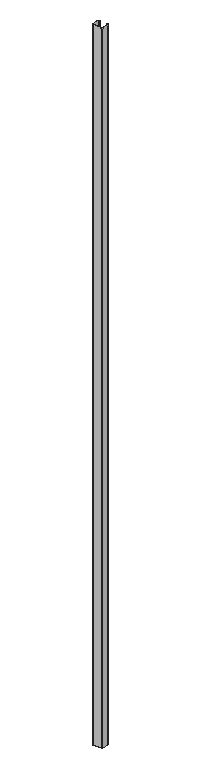
Revit family "M_Manômetro de luz-Montantes-Coluna", category Pilares estruturais, Revit 2019
Family settings
  Forma do corte = Não definido
  Material para o comportamento do modelo = Aço
  Exportar sempre como geometria = Não
  Redução da viga na planta = Da caixa de vinculação
  Número OmniClass = 23.25.30.11.14.11
  Título OmniClass = Columns
  ID de item do Seek = Light Gauge-Studs-Column-0000-CAN-ENU
  Corte com vazios quando carregada = Não
  Representação simbólica = Das configurações de projeto
  Compartilhado = Não
  Exibir o pré-corte da família na vista da planta = Sim
Parameters (values of type "C39")
  t = 1.2 mm
  W = 0
  Structural Material [instance] = Metal - Manômetro de luz
  Código de montagem = "B10"
  B = 39 mm
  D = 30 mm
  d = 6 mm
  A = 0.00 mm²
Reference planes
  plane 1 "Centro (Frente/Trás)": y = 0
  plane 2: z = 0
  plane 3 "Centro (Esquerda/Direita)": x = 0
  plane 4 "Direita": x = 39
  plane 5: y = 30
  plane 6: x = 6
  plane 7: x = 33
  plane 8 "Inserção(esquerda/direita)": x = 19.5
Forms (mm)
  Extrusion 1, solid, material "Metal - Manômetro de luz" <- "Structural Material", detail levels medium
    sketch origin (0, -20.637, 0) x (1, 0, 0) y (0, 1, 0)
      loop
        line (1.2, 49.438) -> (6, 49.438) -> (6, 50.638) -> (0, 50.638) -> (0, 20.638) -> (39, 20.638) -> (39, 50.638) -> (33, 50.638) -> (33, 49.438) -> (37.8, 49.438) -> (37.8, 21.838) -> (1.2, 21.838) -> (1.2, 49.438)
    from 0 to 2500
  Extrusion 2, solid, material "Metal - Manômetro de luz" <- "Structural Material", detail levels fine
    sketch origin (0, -20.637, 0) x (1, 0, 0) y (0, 1, 0)
      loop
        arc (1.2, 47.844) -> (1.665, 48.967) -> (2.787, 49.438) r 1.588
        line (2.787, 49.438) -> (6, 49.438) -> (6, 50.638) -> (2.79, 50.638)
        arc (2.79, 50.638) -> (0.817, 49.82) -> (0, 47.848) r 2.79
        line (0, 47.848) -> (0, 23.425)
        arc (0, 23.425) -> (0.816, 21.454) -> (2.787, 20.638) r 2.788
        line (2.787, 20.638) -> (36.2, 20.638)
        arc (36.2, 20.638) -> (38.18, 21.458) -> (39, 23.438) r 2.8
        line (39, 23.438) -> (38.992, 47.854)
        arc (38.992, 47.854) -> (38.174, 49.828) -> (36.2, 50.646) r 2.792
        line (36.2, 50.646) -> (33, 50.646) -> (33, 49.446) -> (36.2, 49.438)
        arc (36.2, 49.438) -> (37.323, 48.973) -> (37.8, 47.85) r 1.588
        line (37.8, 47.85) -> (37.8, 23.438)
        arc (37.8, 23.438) -> (37.331, 22.306) -> (36.2, 21.838) r 1.6
        line (36.2, 21.838) -> (2.787, 21.838)
        arc (2.787, 21.838) -> (1.665, 22.302) -> (1.2, 23.425) r 1.588
        line (1.2, 23.425) -> (1.2, 47.844)
    from 0 to 2500
Lines and regions (mm)
  symbolic lines, style "Faces ocultas", detail levels medium+fine
    curve 1: line (1.2, 28.808, 2500) -> (1.2, 28.808, 0)
    curve 2: line (1.2, 1.213, 2500) -> (1.2, 1.213, 0)
    curve 8: line (1.2, 0, 2500) -> (1.2, 0, 0)
    curve 9: line (6, 0, 2500) -> (6, 0, 0)
    curve 10: line (37.8, 0, 2500) -> (37.8, 0, 0)
    curve 11: line (33, 0, 2500) -> (33, 0, 0)
  symbolic lines, style "StructuralColumnStickSymbols", detail levels coarse
    curve 3: line (0, 0, 0) -> (0, 30, 0)
    curve 4: line (0, 0, 0) -> (39, 0, 0)
    curve 5: line (39, 0, 0) -> (39, 30, 0)
    curve 6: line (39, 30, 0) -> (33, 30, 0)
    curve 7: line (0, 30, 0) -> (6, 30, 0)
Dimensions and locks
  "t": Extrusion 1 sketch curve to Extrusion 1 sketch curve  (x5)
  "t": Extrusion 2 sketch curve to Extrusion 2 sketch curve  (x5)
  "d": plane 3 "Centro (Esquerda/Direita)" to plane 6
  "d": plane 7 to plane 4 "Direita"
  "B": plane 3 "Centro (Esquerda/Direita)" to plane 4 "Direita"
  "D": plane 1 "Centro (Frente/Trás)" to plane 5
  equal spacing: plane 3 "Centro (Esquerda/Direita)", plane 8 "Inserção(esquerda/direita)", plane 4 "Direita"
  locked: Extrusion 2 sketch curve to Extrusion 2 sketch curve at 1.593
  locked: Extrusion 2 sketch curve to Extrusion 2 sketch curve at 1.588  (x3)
  locked: Extrusion 2 sketch curve to Extrusion 2 sketch curve at 1.6  (x3)
  locked: Extrusion 2 sketch curve to Extrusion 2 sketch curve at 1.596
  aligned and locked: level to Extrusion 1
  aligned and locked: level to plane 2
  aligned and locked: Extrusion 1 to plane 2
  aligned and locked: plane 4 "Direita" to Extrusion 1 sketch curve
  aligned and locked: plane 1 "Centro (Frente/Trás)" to Extrusion 1 sketch curve
  aligned and locked: plane 5 to Extrusion 1 sketch curve  (x4)
  aligned and locked: Extrusion 1 sketch curve to plane 6
  aligned and locked: plane 7 to Extrusion 1 sketch curve  (x2)
  aligned and locked: plane 6 to Extrusion 1 sketch curve
  aligned and locked: Extrusion 1 to Extrusion 2 sketch curve  (x2)
  aligned and locked: curve 3 to Extrusion 1
  aligned and locked: plane 1 "Centro (Frente/Trás)" to Extrusion 2
  aligned and locked: Extrusion 2 to plane 4 "Direita"
  aligned and locked: Extrusion 1 to plane 5  (x2)
  aligned and locked: plane 1 "Centro (Frente/Trás)" to Extrusion 1
  aligned and locked: Extrusion 1 to plane 4 "Direita"
  aligned and locked: Extrusion 1 to plane 3 "Centro (Esquerda/Direita)"
  aligned and locked: plane 5 to curve 7
  aligned and locked: curve 6 to plane 5
  aligned and locked: level to Extrusion 2
  aligned and locked: curve 9 to Extrusion 2
  aligned and locked: curve 11 to Extrusion 2
  aligned and locked: level to curve 8  (x2)
  aligned and locked: level to curve 9  (x2)
  aligned and locked: level to curve 11  (x2)
  aligned and locked: level to curve 10  (x2)
  aligned and locked: level to curve 1  (x2)
  aligned and locked: level to curve 2  (x2)
  aligned and locked: Extrusion 2 to level  (x2)
  aligned and locked: Extrusion 1 to level  (x3)
  aligned and locked: plane 5 to Extrusion 2 sketch curve
  aligned and locked: curve 8 to Extrusion 1
  aligned and locked: curve 10 to Extrusion 1
Automatic sketch dimensions
  Extrusion 1 sketch curve to plane 3 "Centro (Esquerda/Direita)" = 0 mm
  curve 7 to plane 6 = 0 mm
  curve 6 to plane 7 = 0 mm
  curve 6 to plane 4 "Direita" = 0 mm
  curve 5 to plane 1 "Centro (Frente/Trás)" = 0 mm
  curve 2 to Extrusion 1 = 0.013 mm
  curve 1 to Extrusion 1 = 0.008 mm
  Extrusion 2 sketch curve to Extrusion 2 sketch curve = 0 mm  (x7)
  Extrusion 2 sketch curve to plane 6 = 0 mm
  Extrusion 2 sketch curve to plane 7 = 0 mm
  Extrusion 2 sketch curve to plane 4 "Direita" = 0 mm
  Extrusion 2 sketch curve to Extrusion 2 sketch curve = 0.002 mm
  Extrusion 2 sketch curve to plane 5 = 0.008 mm
  Extrusion 2 sketch curve to Extrusion 2 sketch curve = 0.012 mm
  plane 4 "Direita" to Extrusion 2 sketch curve = 0.008 mm
  Extrusion 2 sketch curve to Extrusion 2 sketch curve = 0.004 mm
Types in the file's own list only (9): name | t | B | D
  C65 | 1 mm | 65 mm | 35 mm
  C82 | 1 mm | 82 mm | 38 mm
  C89 | 1 mm | 89 mm | 38 mm
  C92 | 1 mm | 92 mm | 38 mm
  C100 | 1 mm | 100 mm | 38 mm
  C140 | 1 mm | 140 mm | 38 mm
  C150 | 1 mm | 150 mm | 38 mm
  C190 | 1 mm | 190 mm | 38 mm
  C200 | 1 mm | 200 mm | 38 mm
